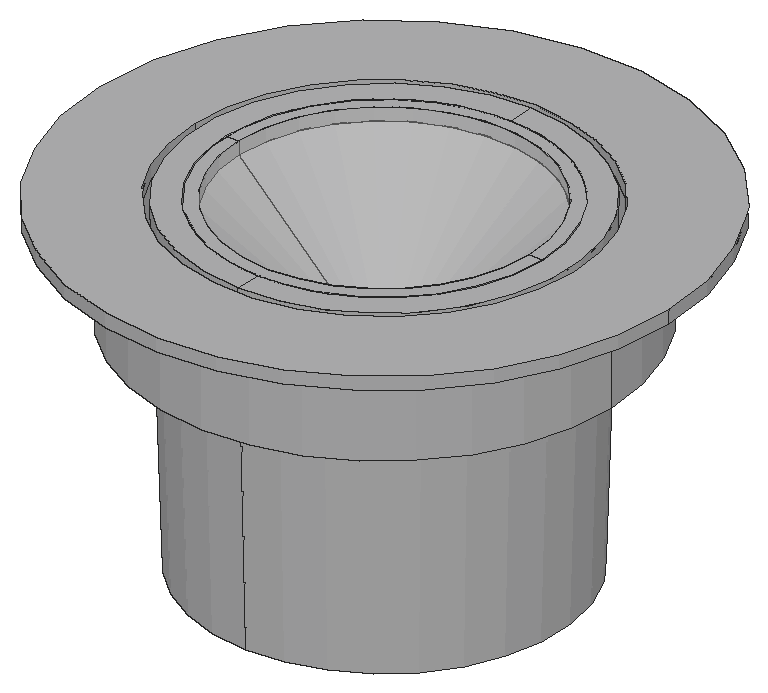
Revit family "3079383 Feilo Sylvania Lighting Fixture INSTAR PRO LED ADJ BA WW + DB", category Lighting Fixtures, host Face, Revit 2017
Family settings
  Host = Face
  Round Connector Dimension = Use Diameter
  Part Type = Normal
  OmniClass Number = 23.80.70.11.17
  OmniClass Title = Specialized Lighting by Location or Use
  Cut with Voids When Loaded = No
  Light Source = No
  Shared = No
  Room Calculation Point = No
Parameters (values of type "3079383 INSTAR PRO LED ADJ BA WW + DB")
  Weight = "6.54 kg"
  WarrantyStartDate [instance] = "n/a"
  WarrantyGuarantorParts = "n/a"
  WarrantyDurationUnit = "n/a"
  WarrantyDurationParts = "n/a"
  WarrantyDescription = "n/a"
  Voltage = 240 V
  URL = "http://www.sylvania-lighting.com"
  TypeName = "INSTAR PRO LED ADJ BA WW + DB"
  TypeHead_FEILO = Instar Pro Rotateable Head : 3079383 INSTAR PRO LED ADJ BA WW + DB
  SerialNumber [instance] = "n/a"
  PowerFactor = 0
  PowerConsumption = "12 W"
  NominalWidth = 0.0 mm
  NominalLength = 90.0 mm
  NominalHeight = 60.0 mm
  Name = "INSTAR PRO LED ADJ BA WW + DB"
  ModelReference = "INSTAR PRO LED ADJ BA WW + DB"
  ModelNumber = "3079383"
  Material_1_FEILO = Aluminum_Sylvania_Instar Eco Kit Adjustable SunDim_Bright
  RecessedDepth_FEILO = 138.0 mm
  Material = "aluminium housing, glass diffuser"
  ManufacturerName = "Feilo Sylvania"
  LuminousEfficacy = "58 lm/W"
  LuminaireType = ""
  LightOutputRatio = "100"
  LampsType = Lamp  # "LED"
  LampNominalLuminous = "810 lm"
  LampMacAdamStep = "n/a"
  LampColourTemperature = "3000 K"
  LampColourRenderingIndex = "0"
  Keynote = "16500"
  InstallationDate [instance] = "n/a"
  InputVoltage = "240V~"
  InputNominalFrequency = "n/a"
  IngressProtection = "IP20"
  ImpactProtectionIndex = "IK02"
  IfcExportType = "IfcLightFixtureType"
  IfcExportAs = "IfcLightFixtureType"
  ExpectedLife = 50000
  EndAngle_FEILO [instance] = FixtureTiltAngle_FEILO + 180.00°  # 180.00°
  ElectricShockClassification = "Class II"
  DurationUnit = "hours"
  DocumentationLiterature = "http://www.sylvania-lighting.com/product/en-int/products/3079383"
  DimmingControlOptions = "n/a"
  CreatedOn = "2/20/2018"
  CreatedBy = ""
  BarCode [instance] = "n/a"
  AssetType = "Fixed"
  AssetIdentifier [instance] = "n/a"
  AccessoryBodyOuterDiameter_FEILO = 62.0 mm
  Offset_FEILO = -5.3 mm  # constant formula
  Diameter_FEILO = AccessoryOuterDiameter_FEILO  # 90.0 mm
  AccessoryInnerDiameter_FEILO = 60.0 mm
  FixtureTiltAngle_FEILO [instance] = 0.00°
  CutoutDiameter_FEILO = 75.0 mm
  Material_2_FEILO = Aluminum_Sylvania_Instar Eco Kit Adjustable SunDim_White
  Material_3_FEILO = Aluminum_Sylvania_Instar Eco Kit Adjustable SunDim_White
  built-in parameter 1114216 [instance] = 1 (stored number, unit not read)
  Model = "INSTAR PRO LED ADJ BA WW + DB"
  Manufacturer = "Feilo Sylvania"  # constant formula
  Lamp = "LED"
  Material_4_FEILO = Glass_Sylvania_Instar Eco Kit Adjustable SunDim_Clear
  Description = "Utilsing SunDim technology to acheive warmer colour temperature as the fitting is dimmed. Incredible colour quality with 92  to 94 CRI. 12W LED white downlight. Ideal for hospitality accent and display lighting applications such as bathrooms, wellness areas, terraces or porches. Choice of fixed, adjustable and dimmable fixed versions. Comes complete and ready to install with its driver. Available in white and brushed aluminium finishes. Outstanding performace, up to 545lm - at 3,000K. A small 68mm round cut out is required, giving the ability to place your light source almost anywhere due to a shallow luminaire depth of 49.9mm. Quick and easy to install. No UV or IR radiations. LED technology provides energy efficient solution and reduced maintenance costs"  # constant formula
  Default Elevation = 0.0 mm
  built-in parameter 1140040 [instance] = 1
  Assembly Code = "D5020200"
  Apparent Load = 12 VA
  AccessoryBodyInnerDiameter_FEILO = 72.0 mm
  AccessoryOuterDiameter_FEILO = AccessoryBodyInnerDiameter_FEILO + 18.0 mm  # 90.0 mm
Reference planes
  plane 1 "Center (Front/Back)": y = 0
  plane 2: z = 0
  plane 3 "Center (Left/Right)": x = 0
  plane 4 "Fixture Bottom": z = 2
  plane 5 "Accessory Top": z = -15
  plane 6 "Rotation Plane": z = -5.29
  plane 7: y = 5
  plane 8: y = -5
  plane 9: x = -5
Forms (mm)
  Extrusion 1, void
    sketch origin (0, 0, 58) x (-1, 0, 0) y (0, -1, 0)
      loop
        circle (0, 0) r 37.5
    from -376.952 to -56
  Extrusion 2, solid, material "Aluminum_Sylvania_Instar Eco Kit Adjustable SunDim_White" <- "Material_3_FEILO"
    sketch origin (0, 0, 58) x (-1, 0, 0) y (0, -1, 0)
      loop
        circle (0, 0) r 45
      loop
        circle (0, 0) r 30
    from -58 to -56
  Extrusion 3, solid, material "Aluminum_Sylvania_Instar Eco Kit Adjustable SunDim_White" <- "Material_3_FEILO"
    sketch origin (0, 0, 58) x (-1, 0, 0) y (0, -1, 0)
      loop
        circle (0, 0) r 36
      loop
        circle (0, 0) r 31
    from -73 to -58
  Revolve 4, solid, not visible
    sketch origin (1.164, -4572, -5.29) x (-1, 0, 0) y (0, -1, 0)
      loop
        line (1.164, -4577) -> (6.164, -4577) -> (6.164, -4567) -> (1.164, -4567) -> (1.164, -4577)
      axis (1.164, -4577) -> (1.164, -4567)
    angle from 0 <- "FixtureTiltAngle_FEILO" to 180 <- "EndAngle_FEILO"
Cuts and joins
  joined: Extrusion 2, Extrusion 3
Dimensions and locks
  locked: plane 4 "Fixture Bottom" to plane 2 at 2
  locked: plane 2 to plane 5 "Accessory Top" at 15
  locked: plane 2 to plane 6 "Rotation Plane" at 5.29
  plane 8 to plane 1 "Center (Front/Back)" to plane 7 = 5.0 mm locked, 5.0 mm locked
  locked: plane 9 to plane 3 "Center (Left/Right)" at 5
  "AccessoryOuterDiameter_FEILO": diameter of Extrusion 2 sketch curve
  "AccessoryInnerDiameter_FEILO": diameter of Extrusion 2 sketch curve
  "AccessoryBodyOuterDiameter_FEILO": diameter of Extrusion 3 sketch curve
  "AccessoryBodyInnerDiameter_FEILO": diameter of Extrusion 3 sketch curve
  "CutoutDiameter_FEILO": diameter of Extrusion 1 sketch curve
  aligned and locked: plane 2 to host face
  aligned and locked: level to host face
  aligned and locked: Extrusion 2 to plane 2
  aligned and locked: Extrusion 2 to plane 4 "Fixture Bottom"
  aligned and locked: plane 2 to Extrusion 3
  aligned and locked: Extrusion 3 to plane 5 "Accessory Top"
  aligned and locked: plane 4 "Fixture Bottom" to Extrusion 1
  aligned and locked: plane 3 "Center (Left/Right)" to Revolve 4 sketch curve
  aligned and locked: Revolve 4 sketch curve to plane 3 "Center (Left/Right)"
  aligned and locked: plane 8 to Revolve 4 sketch curve
  aligned and locked: Revolve 4 sketch curve to plane 7
  aligned and locked: Revolve 4 sketch curve to plane 9
  aligned and locked: nested 1 to Revolve 4
Automatic sketch dimensions
  host sketch curve to host sketch curve = 345.0 mm
  host sketch curve to host sketch curve = 280.0 mm
  Revolve 4 sketch curve to plane 3 "Center (Left/Right)" = 0.0 mm  (x2)
  Revolve 4 sketch curve to plane 7 = 806.717 mm
  plane 8 to Revolve 4 sketch curve = 758.171 mm
  plane 1 "Center (Front/Back)" to Extrusion 1 sketch curve = 0.0 mm
  Extrusion 1 sketch curve to plane 3 "Center (Left/Right)" = 0.0 mm
  Extrusion 2 sketch curve to Extrusion 2 sketch curve = 0.0 mm  (x2)
  plane 1 "Center (Front/Back)" to Extrusion 2 sketch curve = 0.0 mm
  Extrusion 2 sketch curve to plane 3 "Center (Left/Right)" = 0.0 mm
  Extrusion 3 sketch curve to Extrusion 3 sketch curve = 0.0 mm  (x2)
  plane 1 "Center (Front/Back)" to Extrusion 3 sketch curve = 0.0 mm
  Extrusion 3 sketch curve to plane 3 "Center (Left/Right)" = 0.0 mm
Nested families
  nested 1: "Instar Pro Rotateable Head" at (-1.973, 0, 0.01) x (0, -1, 0) z (0, 0, -1), type <- "TypeHead_FEILO", type "3079383 INSTAR PRO LED ADJ BA WW + DB"
Definition of nested family "Instar Pro Rotateable Head"
  Parameters (values of type "3079384 INSTAR PRO LED ADJ BA NW + DB")
    Wattage = 13 W
    built-in parameter 1150110 = 1 (stored number, unit not read)
    URL = "http://www.feilosylvania.com"
    built-in parameter 1114217 = 1 (stored number, unit not read)
    Tilt Angle = 90.00°
    built-in parameter 1150109 = 1 (stored number, unit not read)
    built-in parameter 1150134 = 12
    built-in parameter 1150113 = 1 (stored number, unit not read)
    Model = "INSTAR PRO LED ADJ BA NW + DB"
    Material_1_FEILO = none
    Photometric Web File = "3079384.ies"
    Outer Radius = 29.0 mm
    Manufacturer = "Feilo Sylvania"
    built-in parameter 1150105 = 1200.1 (stored number, unit not read)
    Lumens = 780 lm
    built-in parameter 1150115 = 1 (stored number, unit not read)
    built-in parameter 1150137 = (empty or 0)
    built-in parameter 1150139 = (empty or 0)
    built-in parameter 1150112 = 1 (stored number, unit not read)
    built-in parameter 1150114 = 1 (stored number, unit not read)
    Lamp = "LED"
    Keynote = "16500"
    Inner Radius = Outer Radius - 4.0 mm  # 25.0 mm
    built-in parameter 1150132 = 2
    built-in parameter 1150102 = (empty or 0)
    built-in parameter 1150107 = 4000 (stored number, unit not read)
    built-in parameter 1150138 = (empty or 0)
    built-in parameter 1150106 = 12.001 (stored number, unit not read)
    Height = 50.0 mm
    Emit from Circle Diameter = Diffuser Radius * 2  # 46.0 mm
    Emit Shape Visible in Rendering = no
    built-in parameter 1150104 = 5.5742 (stored number, unit not read)
    Dimming Lamp Color Temperature Shift = (empty or 0)
    Diffuser Radius = Outer Radius - 6.0 mm  # 23.0 mm
    Material_2_FEILO = none
    Description = ""
    Default Elevation = 0.0 mm
    Color Filter = 16777215
    Material_3_FEILO = none
    built-in parameter 1114218 = 1 (stored number, unit not read)
    built-in parameter 1150133 = 10 (stored number, unit not read)
    Assembly Code = "D5020200"
    Apparent Load = 13 VA
  Types (4, lengths in mm): name | Wattage | built-in parameter 1150134 | Model | Photometric Web File | built-in parameter 1150105 | Lumens | built-in parameter 1150107 | built-in parameter 1150106 | built-in parameter 1150104 | Apparent Load
    3079384 INSTAR PRO LED ADJ BA NW + DB | 13 W | 12 | "INSTAR PRO LED ADJ BA NW + DB" | "3079384.ies" | 1200.1 (stored number, unit not read) | 780 lm | 4000 (stored number, unit not read) | 12.001 (stored number, unit not read) | 5.5742 (stored number, unit not read) | 13 VA
    3079383 INSTAR PRO LED ADJ BA WW + DB | 12 W | (empty or 0) | "INSTAR PRO LED ADJ BA WW + DB" | "3079383.ies" | 1023.3 (stored number, unit not read) | 696 lm | 3000 (stored number, unit not read) | 10.233 (stored number, unit not read) | 5.3884 (stored number, unit not read) | 12 VA
    3079382 INSTAR PRO LED ADJ WH NW + DB | 13 W | 12 | "INSTAR PRO LED ADJ WH NW + DB" | "3079382.ies" | 1200.1 (stored number, unit not read) | 780 lm | 4000 (stored number, unit not read) | 12.001 (stored number, unit not read) | 5.5742 (stored number, unit not read) | 13 VA
    3079381 INSTAR PRO LED ADJ WH WW + DB | 12 W | (empty or 0) | "INSTAR PRO LED ADJ WH WW + DB" | "3079381.ies" | 1023.3 (stored number, unit not read) | 696 lm | 3000 (stored number, unit not read) | 10.233 (stored number, unit not read) | 5.3884 (stored number, unit not read) | 12 VA
  Reference planes
    plane 1 "Center (Front/Back)": y = -1.973
    plane 2: z = 0
    plane 3 "Center (Left/Right)": x = 0
    plane 4: z = -2
    plane 5: z = 50
    plane 6: z = 46
    plane 7: z = 5.3
  Forms (mm)
    Revolve 1, solid, material <- "Material_1_FEILO", detail levels fine
      sketch origin (0, 0, 0) x (0, 1, 0) y (0, 0, 1)
        loop
          line (23.027, -2) -> (17.433, 17) -> (-1.973, 17) -> (-1.973, 15) -> (5.129, 15) -> (21.027, 0) -> (21.027, -2) -> (23.027, -2)
        axis (-1.973, 17) -> (-1.973, -2)
      angle from 0 to 360
    Extrusion 2, solid, material <- "Material_2_FEILO", detail levels fine
      sketch origin (0, 0, 0) x (1, 0, 0) y (0, 1, 0)
        loop
          circle (0, -1.973) r 23
      from -2 to 0
    Revolve 3, solid, material <- "Material_3_FEILO", detail levels fine
      sketch origin (0, -1.973, 0) x (1, 0, 0) y (0, 0, 1)
        loop
          line (-29, -2) -> (-25, -2) -> (-23.5, 46) -> (0, 46) -> (0, 50) -> (-27.375, 50) -> (-29, -2)
        axis (0, 50) -> (0, -2)
      angle from 0 to 360
    Revolve 4, solid, material <- "Material_3_FEILO", detail levels coarse+medium
      sketch origin (0, -1.973, 0) x (1, 0, 0) y (0, 0, 1)
        loop
          line (-29, -2) -> (0, -2) -> (0, 50) -> (-22, 50) -> (-29, -2)
        axis (0, 50) -> (0, -2)
      angle from 0 to 360
  Dimensions and locks
    "Outer Radius": plane 3 "Center (Left/Right)" to Revolve 3 sketch curve
    locked: Revolve 3 sketch curve to Revolve 3 sketch curve at 4
    locked: Revolve 3 sketch curve to Revolve 3 sketch curve at 3.998
    "Inner Radius": Revolve 1 sketch curve to plane 1 "Center (Front/Back)"
    locked: Revolve 1 sketch curve to Revolve 1 sketch curve at 2
    locked: plane 7 to plane 2 at 5.3
    "Outer Radius": imposter light to Revolve 4 sketch curve
    locked: level to plane 4 at 2
    locked: plane 5 to plane 6 at 4
    "Height": plane 5 to level
    "Diffuser Radius": radius of Extrusion 2 sketch curve
    aligned and locked: level to plane 2
    aligned and locked: Revolve 1 sketch curve to plane 4
    aligned and locked: plane 1 "Center (Front/Back)" to Revolve 1 sketch curve
    aligned and locked: Revolve 1 sketch curve to plane 1 "Center (Front/Back)"
    aligned and locked: plane 4 to Revolve 1 sketch curve
    aligned and locked: plane 2 to Revolve 1 sketch curve
    aligned and locked: Revolve 1 sketch curve to Revolve 1 sketch curve
    aligned and locked: Extrusion 2 to plane 4
    aligned and locked: plane 2 to Extrusion 2
    aligned and locked: Revolve 3 sketch curve to plane 5
    aligned and locked: Revolve 3 sketch curve to plane 6
    aligned and locked: Revolve 3 sketch curve to plane 3 "Center (Left/Right)"  (x2)
    aligned and locked: plane 3 "Center (Left/Right)" to imposter light
    aligned and locked: plane 1 "Center (Front/Back)" to imposter light
    aligned and locked: plane 4 to imposter light
    aligned and locked: Revolve 4 sketch curve to plane 5
    aligned and locked: Revolve 4 sketch curve to plane 4
    aligned and locked: Revolve 4 sketch curve to plane 3 "Center (Left/Right)"
  Automatic sketch dimensions
    Revolve 1 sketch curve to plane 1 "Center (Front/Back)" = 7.102 mm
    Revolve 1 sketch curve to Revolve 1 sketch curve = 12.304 mm
    Revolve 1 sketch curve to plane 7 = 9.7 mm
    Revolve 1 sketch curve to Revolve 1 sketch curve = 2.0 mm
    Revolve 1 sketch curve to plane 4 = 14.644 mm
    Revolve 1 sketch curve to plane 6 = 11.383 mm
    plane 1 "Center (Front/Back)" to Extrusion 2 sketch curve = 0.0 mm
    Extrusion 2 sketch curve to plane 3 "Center (Left/Right)" = 0.0 mm
    Revolve 3 sketch curve to plane 4 = 0.0 mm
    Revolve 3 sketch curve to plane 4 = 30.928 mm
    Revolve 3 sketch curve to Revolve 3 sketch curve = 20.072 mm
    Revolve 4 sketch curve to plane 3 "Center (Left/Right)" = 0.0 mm
    Revolve 4 sketch curve to plane 3 "Center (Left/Right)" = 22.0 mm
    Revolve 4 sketch curve to plane 4 = 30.928 mm
    Revolve 4 sketch curve to Revolve 4 sketch curve = 20.072 mm
